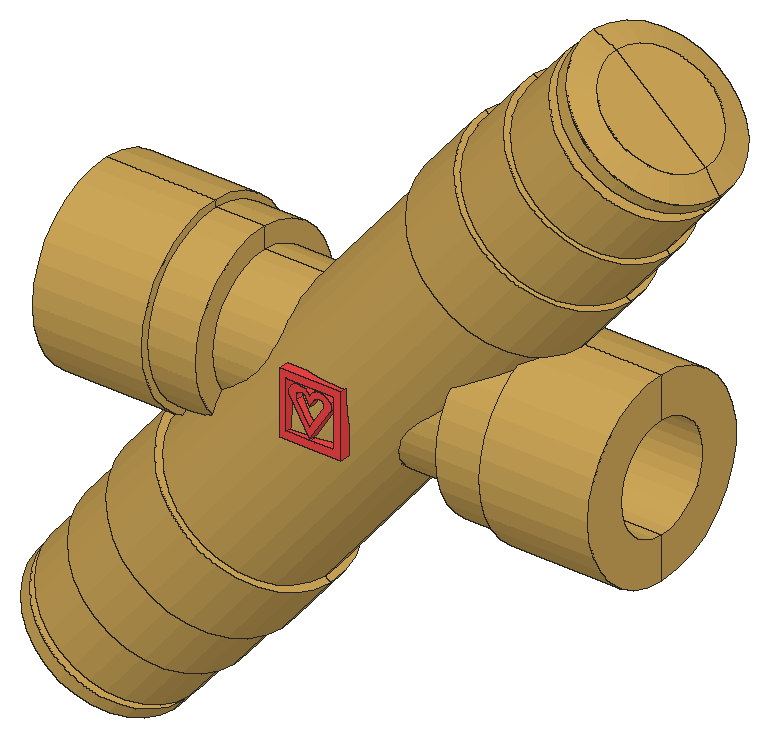
Revit family "Zirkulationstemperaturbegrenzer 4011", category Rohrzubehör, Revit 2019
Family settings
  Bemaßung runder Anschluss = Durchmesser verwenden
  Teiletyp = Unterbricht
  OmniClass-Nummer = 23.65.55.14
  OmniClass-Titel = Valves for Liquid Services
  Arbeitsebenenbasiert = Nein
  Immer vertikal = Ja
  Beim Laden mit Abzugskörper schneiden = Nein
  Gemeinsam genutzt = Nein
Parameters (values of type "Werkseinstellung 52 und 70°C")
  Werkseinstellung Temperatur [instance] = if([52_70], "52 - 70°C", if([55_70], "55 - 70°C", if([58_70], "58 - 70°C", "0")))  # "52 - 70°C"
  W03 = 25.00°  # constant formula
  W02 = 15.00°  # constant formula
  W01 = 50.00°  # constant formula
  URL = "www.herz-armaturen.at"
  Sitz, Kegel, Feder = "Edelstahl"  # constant formula
  SC_NennweiteBerechnet = 0
  SC_Dimension = ""
  SCTWSEQ = "AW;SBT_TYP_AW=\"104\";2"
  SCTWCODE = "04;26;02"  # constant formula
  S06 = 40.000 mm  # constant formula
  S05 = 15.000 mm  # constant formula
  S04 = 20.000 mm  # constant formula
  S03 = 60.000 mm  # constant formula
  S02 [instance] = S01 + 5.000 mm  # 11.750 mm
  S01 [instance] = D01 / 2  # 6.750 mm
  R01 = 5.000 mm  # constant formula
  Nennweite [instance] = 15.000 mm
  Medium = "Trinkwasser"  # constant formula
  Max. Betriebstemperatur = 80 °C  # constant formula
  Max. Betriebsdruck = 1000000.0 Pa  # constant formula
  L09 = 4.500 mm  # constant formula
  L08 = 1.500 mm  # constant formula
  L07 [instance] = L03 + L05 + L06  # 58.400 mm
  L06 [instance] = size_lookup("4011_0X_", "L6", 1.000 mm, Nennweite)  # 8.900 mm
  L05 [instance] = size_lookup("4011_0X_", "L5", 1.000 mm, Nennweite)  # 10.000 mm
  L04 [instance] = size_lookup("4011_0X_", "L4", 1.000 mm, Nennweite)  # 11.000 mm
  L03 [instance] = size_lookup("4011_0X_", "L3", 1.000 mm, Nennweite)  # 39.500 mm
  L02 [instance] = size_lookup("4011_0X_", "L2", 1.000 mm, Nennweite)  # 23.000 mm
  L01 [instance] = size_lookup("4011_0X_", "L1", 1.000 mm, Nennweite)  # 15.900 mm
  L00 [instance] = size_lookup("4011_0X_", "L", 1.000 mm, Nennweite)  # 81.000 mm
  IG [instance] = Nennweite / 2  # 7.500 mm
  Hinweis = "Gemäß Art 33 der REACH-Verordnung (EG Nr. 1907/2006) sind wir verpflichtet, darauf hinzuweisen, dass der Stoff Blei auf der SVHC-Liste geführt wird und dass alle aus Messing bestehenden Bauteile, die in unseren Erzeugnissen verarbeitet sind, mehr als 0,1 % (w/w) Blei (CAS: 7439-92-1 / EINECS: 231-100-4) enthalten.\r\nDa Blei als Legierungsbestandteil fest gebunden ist, sind keine Expositionen zu erwarten und daher sind keine zusätzlichen Angaben zur sicheren Verwendung notwendig."
  Hersteller = "HERZ Armaturen Ges.m.b.H."  # constant formula
  Gehäuse = "CC770S"  # constant formula
  GT [instance] = size_lookup("4011_0X_", "GT", 1.000 mm, Nennweite)  # 12.000 mm
  Funktionsweise = "Der HERZ-Zirkulationstemperaturbegrenzer ist ein thermostatisches Drosselventil für Trinkwassersysteme mit Umwälzpumpe, in Form eines Proportionalreglers ohne Hilfsenergie.\r\nDie Mediumstemperatur der Zirkulationsleitung wird geregelt und automatisch für die Verteilung des Warmwassers bei mehreren Strängen (soweit vorhanden) gesorgt.\r\n\r\nDie zirkulierende Wassermenge wird auf die jeweils erforderliche Menge zur Konstanthaltung der Temperatur begrenzt und die Zirkulationsverluste werden minimiert.\r\nDie Armatur ist ebenfalls für die Legionellenspülung des Systems einzusetzen.\r\nDie zirkulierende Wassermenge wird bei der Spülung wieder auf die ausgelegte Wassermenge erhöht.\r\n\r\nDer Ventilsitz im Gehäuse wird vom Ventilkegel geöffnet oder geschlossen.\r\nDer Kegel wird bei steigender Temperatur vom Thermostatelement langsam und stetig, ohne Druckstöße, in Richtung „zu“ bewegt und bei fallender Temperatur von einer Öffnungsfeder gegen das Thermostatelement geöffnet.\r\nDas Ausdehnungsmedium im Inneren des Thermostatelements wandelt die Temperaturänderung in eine Wegänderung um.\r\nBei thermischer Desinfektion wird mittels des zweiten Thermostatelements das erste übersteuert, sodass wieder der komplette Duchfluss an der Armatur zur Verfügung steht.\r\n\r\nBauart bedingt ist bei der Armatur eine Leckmenge von ca. 0,65 l/min bei ca. 10 kPa Differenzdruck zu berücksichtigen."
  Kegel für Oberteil, Oberteil, Kappe = "CW725N"  # constant formula
  Dichtungen = "EPDM entsprechend KTW"  # constant formula
  D10 = 12.000 mm  # constant formula
  D09 = 9.200 mm  # constant formula
  D08 = 8.500 mm  # constant formula
  D07 [instance] = size_lookup("4011_0X_", "D7", 1.000 mm, Nennweite)  # 13.000 mm
  D06 [instance] = size_lookup("4011_0X_", "D6", 1.000 mm, Nennweite)  # 12.200 mm
  D05 [instance] = size_lookup("4011_0X_", "D5", 1.000 mm, Nennweite)  # 12.750 mm
  D04 [instance] = size_lookup("4011_0X_", "D4", 1.000 mm, Nennweite)  # 13.750 mm
  D03 [instance] = size_lookup("4011_0X_", "D3", 1.000 mm, Nennweite)  # 9.500 mm
  D02 [instance] = size_lookup("4011_0X_", "D2", 1.000 mm, Nennweite)  # 12.500 mm
  D01 [instance] = size_lookup("4011_0X_", "D1", 1.000 mm, Nennweite)  # 13.500 mm
  Bestellnummer [instance] = if(and([52_70], Nennweite = 15.000 mm), 2401101, if(and([52_70], Nennweite = 20.000 mm), 2401102, if(and([55_70], Nennweite = 15.000 mm), 2401111, if(and([55_70], Nennweite = 20.000 mm), 2401112, if(and([58_70], Nennweite = 15.000 mm), 2401117, if(and([58_70], Nennweite = 20.000 mm), 2401118, 0))))))  # 2401101
  Ausführung = "HERZ-Zirkulationstemperaturbegrenzer, Schrägsitz in gelber Ausführung, Gehäuse und wasserführende Teile aus Messing, Sitz, Kegel, Federn aus nichtrostendem Chrom-Nickel Stahl.\r\nO-Ringe EPDM nach KTW.\r\nMuffengewinde gemäß ISO 7/1 (Rp).\r\nAusführung mit zwei Fühlern."
  58_70 = no
  55_70 = no
  52_70 = yes
Types (4, lengths in mm): name | Werkseinstellung Temperatur | S02 | S01 | Nennweite | L07 | L06 | L05 | L04 | L03 | L02 | L01 | L00 | IG | GT | D07 | D06 | D05 | D04 | D03 | D02 | D01 | Bestellnummer | 58_70 | 55_70 | 52_70
  (no name) | "52 - 70°C" | 11.750 | 6.750 | 15.000 | 58.400 | 8.900 | 10.000 | 11.000 | 39.500 | 23.000 | 15.900 | 81.000 | 7.500 | 12.000 | 13.000 | 12.200 | 12.750 | 13.750 | 9.500 | 12.500 | 13.500 | 2401101 | no | no | yes
  Werkseinstellung 52 und 70°C | "52 - 70°C" | 11.750 | 6.750 | 15.000 | 58.400 | 8.900 | 10.000 | 11.000 | 39.500 | 23.000 | 15.900 | 81.000 | 7.500 | 12.000 | 13.000 | 12.200 | 12.750 | 13.750 | 9.500 | 12.500 | 13.500 | 2401101 | no | no | yes
  Werkseinstellung 55 und 70°C | "55 - 70°C" | 13.000 | 8.000 | 20.000 | 60.700 | 4.500 | 6.200 | 10.000 | 50.000 | 20.500 | 17.000 | 102.000 | 10.000 | 16.300 | 15.000 | 13.500 | 15.500 | 16.500 | 13.000 | 15.000 | 16.000 | 2401112 | no | yes | no
  Werkseinstellung 58 und 70°C | "58 - 70°C" | 13.000 | 8.000 | 20.000 | 60.700 | 4.500 | 6.200 | 10.000 | 50.000 | 20.500 | 17.000 | 102.000 | 10.000 | 16.300 | 15.000 | 13.500 | 15.500 | 16.500 | 13.000 | 15.000 | 16.000 | 2401118 | yes | no | no
Reference planes
  plane 1 "Mitte (Vorne/hinten)": y = 0
  plane 2: z = 0
  plane 3 "Mitte (Links/rechts)": x = 0
Forms (mm)
  Revolve 1, solid, material "Messing, weicher Gelbton, geschweißt", detail levels fine
    sketch origin (0, 0, 0) x (1, 0, 0) y (0, 0, 1)
      loop
        line (-28.5, 0) -> (28.5, 0) -> (28.5, 7.5) -> (40.5, 7.5) -> (40.5, 13.5) -> (24.6, 13.5) -> (24.6, 12.5) -> (17.5, 12.5) -> (17.5, 9.5) -> (-17.5, 9.5) -> (-17.5, 12.5) -> (-24.6, 12.5) -> (-24.6, 13.5) -> (-40.5, 13.5) -> (-40.5, 7.5) -> (-28.5, 7.5) -> (-28.5, 0)
      axis (-40.5, 0) -> (40.5, 0)
    angle from 0 to 360
  Revolve 2, solid, material "Messing, weicher Gelbton, geschweißt", detail levels fine
    sketch origin (0, 0, 0) x (1, 0, 0) y (0, 0, 1)
      loop
        line (0, 0) -> (25.39, 30.259) -> (14.857, 39.097) -> (7.786, 30.671) -> (8.552, 30.028) -> (-28.087, -13.637) -> (-28.853, -12.994) -> (-35.923, -21.42) -> (-25.39, -30.259) -> (0, 0)
      axis (25.39, 30.259) -> (-25.39, -30.259)
    angle from 0 to 360
  Revolve 3, solid, material "Messing, weicher Gelbton, geschweißt", detail levels fine
    sketch origin (0, 0, 0) x (1, 0, 0) y (0, 0, 1)
      loop
        line (0, 0) -> (37.539, 44.737) -> (28.193, 52.579) -> (22.472, 45.761) -> (21.859, 46.275) -> (15.432, 38.615) -> (21.56, 33.473) -> (-29.22, -27.045) -> (-35.349, -21.903) -> (-41.777, -29.563) -> (-41.164, -30.077) -> (-46.885, -36.895) -> (-37.539, -44.737) -> (0, 0)
      axis (-37.539, -44.737) -> (37.539, 44.737)
    angle from 0 to 360
  Revolve 4, solid, material "Messing, weicher Gelbton, geschweißt", detail levels fine
    sketch origin (0, 0, 0) x (1, 0, 0) y (0, 0, 1)
      loop
        line (0, 0) -> (40.431, 48.184) -> (33.92, 53.648) -> (30.636, 55.179) -> (29.31, 53.6) -> (31.455, 51.8) -> (30.491, 50.651) -> (33.709, 47.951) -> (-41.369, -41.523) -> (-44.586, -38.823) -> (-45.551, -39.972) -> (-47.696, -38.173) -> (-49.021, -39.752) -> (-46.943, -42.721) -> (-40.431, -48.184) -> (0, 0)
      axis (-40.431, -48.184) -> (40.431, 48.184)
    angle from 0 to 360
Lines and regions (mm)
  model lines, detail levels coarse+medium
    curve 1: line (-40.5, 0, 13.5) -> (-40.5, 0, -13.5)
    curve 2: line (-40.5, 0, -13.5) -> (40.5, 0, 13.5)
    curve 3: line (40.5, 0, 13.5) -> (40.5, 0, -13.5)
    curve 4: line (40.5, 0, -13.5) -> (-40.5, 0, 13.5)
    curve 5: circle (0, 0, 0) r 6.75 normal (0, -1, 0)
    curve 6: line (0, 0, 40) -> (0, 0, 60)
    curve 7: line (-15, 0, 60) -> (15, 0, 60)
    curve 8: line (15, 0, 60) -> (15, 0, 80)
    curve 9: line (15, 0, 80) -> (-15, 0, 80)
    curve 10: line (-15, 0, 80) -> (-15, 0, 60)
    curve 11: line (0, 0, 11.75) -> (13.173, 0, 40)
    curve 12: line (0, 0, 11.75) -> (-13.173, 0, 40)
    curve 13: line (-13.173, 0, 40) -> (13.173, 0, 40)
    curve 14: line (-40.5, 13.5, 0) -> (-40.5, -13.5, 0)
    curve 15: line (-40.5, -13.5, 0) -> (40.5, 13.5, 0)
    curve 16: line (40.5, 13.5, 0) -> (40.5, -13.5, 0)
    curve 17: line (40.5, -13.5, 0) -> (-40.5, 13.5, 0)
    curve 18: circle (0, 0, 0) r 6.75 normal (0, 0, 1)
    curve 19: line (0, 40, 0) -> (0, 60, 0)
    curve 20: line (-15, 60, 0) -> (15, 60, 0)
    curve 21: line (15, 60, 0) -> (15, 80, 0)
    curve 22: line (15, 80, 0) -> (-15, 80, 0)
    curve 23: line (-15, 80, 0) -> (-15, 60, 0)
    curve 24: line (0, 11.75, 0) -> (13.173, 40, 0)
    curve 25: line (0, 11.75, 0) -> (-13.173, 40, 0)
    curve 26: line (-13.173, 40, 0) -> (13.173, 40, 0)
Dimensions and locks
  "L00": Revolve 1 sketch curve to Revolve 1 sketch curve
  equal spacing: Revolve 1 sketch curve, plane 3 "Mitte (Links/rechts)", Revolve 1 sketch curve
  "L01": Revolve 1 sketch curve to Revolve 1 sketch curve  (x2)
  "L02": Revolve 1 sketch curve to Revolve 1 sketch curve  (x2)
  "GT": Revolve 1 sketch curve to Revolve 1 sketch curve  (x2)
  "IG": Revolve 1 sketch curve to plane 2  (x2)
  "D01": Revolve 1 sketch curve to plane 2  (x2)
  "D02": Revolve 1 sketch curve to plane 2  (x2)
  "D03": Revolve 1 sketch curve to Revolve 1 sketch curve
  equal spacing: Revolve 1, Revolve 2 sketch curve, Revolve 1  (x2)
  "L03": Revolve 2 sketch curve to Revolve 2 sketch curve  (x2)
  "L04": Revolve 2 sketch curve to Revolve 2 sketch curve  (x2)
  "D05": nested 1 to plane 1 "Mitte (Vorne/hinten)"
  "D04": Revolve 2 sketch curve to Revolve 2 sketch curve  (x2)
  "D05": Revolve 2 sketch curve to Revolve 2 sketch curve
  "L03": Revolve 3 sketch curve to Revolve 3 sketch curve  (x2)
  "L05": Revolve 3 sketch curve to Revolve 3 sketch curve  (x2)
  "L06": Revolve 3 sketch curve to Revolve 3 sketch curve  (x2)
  "D06": Revolve 3 sketch curve to Revolve 3 sketch curve  (x2)
  "D07": Revolve 3 sketch curve to Revolve 3 sketch curve  (x2)
  "R01": Revolve 3 sketch curve to Revolve 3 sketch curve
  equal spacing: Revolve 1, Revolve 3 sketch curve, Revolve 1
  equal spacing: Revolve 1, Revolve 4 sketch curve, Revolve 1
  "L07": Revolve 4 sketch curve to Revolve 4 sketch curve to Revolve 4 sketch curve
  "L08": Revolve 4 sketch curve to Revolve 4 sketch curve  (x2)
  "L09": Revolve 4 sketch curve to Revolve 4 sketch curve  (x2)
  "D08": Revolve 4 sketch curve to Revolve 4 sketch curve  (x2)
  "D09": Revolve 4 sketch curve to Revolve 4 sketch curve  (x2)
  "D10": Revolve 4 sketch curve to Revolve 4 sketch curve  (x2)
  "R01": Revolve 4 sketch curve to Revolve 4 sketch curve
  equal spacing: curve 1, plane 3 "Mitte (Links/rechts)", curve 3
  "L00": curve 1 to curve 3
  "D01": curve 4 to plane 2 to curve 2
  "D01": curve 3 to plane 2 to curve 4
  equal spacing: Revolve 1, curve 5, Revolve 1
  "S03": curve 6 to plane 2
  "S05": curve 10 to plane 3 "Mitte (Links/rechts)" to curve 8
  "S04": curve 9 to curve 7
  "S06": curve 13 to plane 2
  "S02": curve 12 to plane 2
  equal spacing: curve 14, plane 3 "Mitte (Links/rechts)", curve 16
  "L00": curve 14 to curve 16
  "D01": curve 15 to plane 1 "Mitte (Vorne/hinten)" to curve 17
  "D01": curve 17 to plane 1 "Mitte (Vorne/hinten)" to curve 16
  equal spacing: curve 14, curve 18, curve 16
  "S06": plane 1 "Mitte (Vorne/hinten)" to curve 19
  "S03": plane 1 "Mitte (Vorne/hinten)" to curve 19
  "S05": curve 23 to plane 3 "Mitte (Links/rechts)" to curve 21
  "S04": curve 22 to curve 20
  "S02": plane 1 "Mitte (Vorne/hinten)" to curve 25
  "S01": radius of curve 5
  "S01": radius of curve 18
  "W01": angle plane 2 to Revolve 3 sketch curve
  "W01": angle plane 2 to Revolve 4 sketch curve
  "W02": angle Revolve 4 sketch curve to Revolve 4 sketch curve  (x2)
  "W01": angle plane 2 to Revolve 2 sketch curve
  "W03": angle curve 11 to curve 6 to curve 12
  "W03": angle curve 24 to plane 3 "Mitte (Links/rechts)" to curve 25
  aligned and locked: level to plane 2
Automatic sketch dimensions
  curve 12 to plane 3 "Mitte (Links/rechts)" = 0.000 mm
  curve 6 to plane 3 "Mitte (Links/rechts)" = 0.000 mm
  curve 5 to level = 0.000 mm
  curve 25 to plane 3 "Mitte (Links/rechts)" = 0.000 mm
  curve 19 to plane 3 "Mitte (Links/rechts)" = 0.000 mm
  plane 1 "Mitte (Vorne/hinten)" to curve 18 = 0.000 mm
  Revolve 1 sketch curve to level = 0.000 mm  (x2)
  Revolve 1 sketch curve to Revolve 1 sketch curve = 1466.030 mm
  Revolve 1 sketch curve to Revolve 1 sketch curve = 1798.648 mm
  Revolve 2 sketch curve to level = 0.000 mm  (x2)
  Revolve 3 sketch curve to level = 0.000 mm
  Revolve 3 sketch curve to Revolve 3 sketch curve = 0.000 mm  (x4)
  Revolve 4 sketch curve to level = 0.000 mm
  Revolve 4 sketch curve to Revolve 4 sketch curve = 0.000 mm  (x4)
Nested families
  nested 1: "Herz-Logo-vorne" at (0, -12.75, 0) x (0, 1, 0) z (0, 0, 1), type "Herz-Logo-vorne", detail levels fine
Connectors
  piping at (-28.5, 0, 0), diameter 15, driven by "Nennweite"
    settings: on Revolve 1, index 1, connector inside diameter 609.6 mm, connector length 0.000 mm, flow factor 0, pipe flow 0.0 L/s, pressure drop 0.0 Pa, fitting loss kfactor 0, connector angle 0.00°, fixture units 0, engagement length 0.000 mm, angle of deflection 0.00°, flow configuration 0, flow direction 1, fitting loss method 0, system type 29, joint type 0, gender type 0, connector reference index -1, connector utility 0, adjustable connector no, is connector primary yes, connector description ""
  piping at (28.5, 0, 0), diameter 15, driven by "Nennweite"
    settings: on Revolve 1, index 2, connector inside diameter 609.6 mm, connector length 0.000 mm, flow factor 0, pipe flow 0.0 L/s, pressure drop 0.0 Pa, fitting loss kfactor 0, connector angle 0.00°, fixture units 0, engagement length 0.000 mm, angle of deflection 0.00°, flow configuration 0, flow direction 2, fitting loss method 0, system type 29, joint type 0, gender type 0, connector reference index -1, connector utility 0, adjustable connector no, is connector primary no, connector description ""
Definition of nested family "Herz-Logo-vorne"
  Reference planes
    plane 1 "Mitte (Vorne/hinten)": y = 0
    plane 2: z = 0
    plane 3 "Mitte (Links/rechts)": x = 0
  Forms (mm)
    Extrusion 1, solid
      sketch origin (0.732, -0.018, 0.017) x (0, -1, 0) y (0, 0, 1)
        loop
          line (-0.018, -4.517) -> (4.482, -4.517) -> (4.482, 4.483) -> (-4.518, 4.483) -> (-4.518, -4.517) -> (-0.018, -4.517)
        loop
          line (-0.05, -3.48) -> (3.482, -3.48) -> (3.482, 3.483) -> (-3.518, 3.483) -> (-3.518, -3.48) -> (-0.05, -3.48)
        loop
          arc (-0.018, 2.383) -> (-1.543, 3.287) -> (-3.067, 2.383) r 1.738
          arc (-3.067, 2.383) -> (-3.191, 1.899) -> (-3.067, 1.415) r 1.009
          line (-3.067, 1.415) -> (-0.018, -3.281) -> (3.032, 1.415)
          arc (3.032, 1.415) -> (3.156, 1.899) -> (3.032, 2.383) r 1.009
          arc (3.032, 2.383) -> (1.507, 3.287) -> (-0.018, 2.383) r 1.738
        loop
          arc (1.885, 1.272) -> (2.005, 1.675) -> (1.885, 2.079) r 0.74
          arc (1.885, 2.079) -> (1.265, 2.416) -> (0.644, 2.079) r 0.74
          line (0.644, 2.079) -> (-0.018, 0.97) -> (-0.679, 2.079)
          arc (-0.679, 2.079) -> (-1.3, 2.416) -> (-1.921, 2.079) r 0.74
          arc (-1.921, 2.079) -> (-2.04, 1.675) -> (-1.921, 1.272) r 0.74
          line (-1.921, 1.272) -> (-0.018, -1.658) -> (1.885, 1.272)
      from 0 to 1.5
  Dimensions and locks
    aligned and locked: level to plane 2
